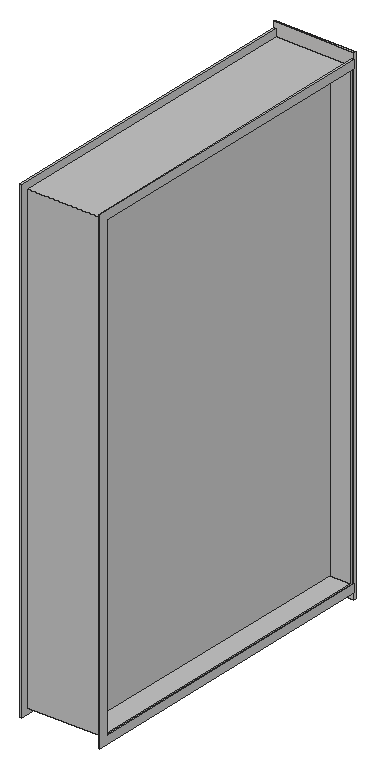
Revit family "Damper-Cable_Operated-Carnes-Rectangular-Opposed_Blade_FQAA", category Duct Accessories, Revit 2012
Parameters (values of type "FQAA")
  ecoScorecard_data = ""
  ecoScorecard Product Page = "http://ecoscorecard.com/"
  URL = "http://www.carnes.com/index.html"
  Subcategory = "Louvers and Dampers"
  Specifications  URL = "http://www.carnes.com/Louvers/pdf/40041.pdf"
  Side Plate Height [instance] = Outside Height + 1"  # 38 1/4"
  Product Page URL = "http://www.carnes.com/Louvers/FQAA.htm"
  Product Line = "Cable Operated Dampers"
  Pressure Drop = 0.00 Pa
  Outside Width [instance] = Damper Width Control + 3/4"  # 24 3/4"
  Outside Height [instance] = Damper Height Control + 1 1/4"  # 37 1/4"
  Model = "FQAA"
  Manufacturer Phone = "608-845-6411"
  Manufacturer Fax = "608-845-6470"
  Manufacturer Email = "mailto:carnes@carnes.com"
  Manufacturer Address = "448 S. Main St., P. O. Box 930040, Verona, WI 53593-0040"
  Manufacturer = "Carnes Company"
  Frame Material = Aluminum - Carnes - Extruded
  Description = "Cable Operated Dampers"
  Damper Width Control [instance] = if(Damper Width > 24", 24", Damper Width)  # 24"
  Damper Width [instance] = 24"
  Damper Length [instance] = 6 1/4"
  Damper Height Control [instance] = if(Damper Height > 36", 36", Damper Height)  # 36"
  Damper Height [instance] = 36"
  Damper Air Flow = 0 CFM
  Cost Info = "mailto:carnes@carnes.com"
  Controller Width = 1 1/2"
  Controller Height = 8"
  Controller Offset = 3"
  Controller Length = 4"
  Connector Description 2 = "Duct Connection 2"
  Connector Description 1 = "Duct Connection 1"
  Catalog URL = "http://www.carnes.com/Louvers/pdf/cable_opr_dpr_brochure.pdf"
  Blade Width [instance] = Outside Width / 4  # 6 3/16"
  Blade Material = Aluminum - Carnes - Extruded
  Assembly Code = "D3090700"
  95 CSI = "10200"
  04 CSI = "08 91 00"
Reference planes (in)
  plane 1 "Center (Front/Back)": y = 0
  plane 2: z = 0
  plane 3 "Center (Left/Right)": x = 0
  plane 4 "Right": x = 3.125
  plane 5: y = 12.375
  plane 6: y = -11.875
  plane 7: z = 18.125
  plane 8: z = -18.125
  plane 9: y = 13.375
  plane 10: x = -2
  plane 11: x = 2
  plane 12: z = -7.625
  plane 13: z = -15.625
  plane 14: z = 18.625
  plane 15: z = -18.625
  plane 16: y = 12.5
  plane 17 "Left": x = -3.125
  plane 18: y = -12.375
  plane 19: y = 7.625
Forms (in)
  Extrusion 1, solid, material "Plastic - Carnes - Black", detail levels fine
    sketch origin (0, 0, 0) x (1, 0, 0) y (0, 1, 0)
      loop
        line (-2, 13.375) -> (-2, 12.5) -> (2, 12.5) -> (2, 13.375) -> (-2, 13.375)
    from -15.625 to -7.625
  Sweep 2, solid, material "Aluminum - Carnes - Extruded" <- "Frame Material"
    path origin (0, 0, 0) x (1, 0, 0) y (0, 1, 0)
      loop
        line (-2.9799, 0) -> (2.9799, 0)
    profile origin (0, 0, 0) x (0, 1, 0) y (0, 0, 1)
      loop
        line (12.375, 18.125) -> (-11.875, 18.125) -> (-11.875, -18.125) -> (12.375, -18.125) -> (12.375, 18.125)
      loop
        line (12.25, 18) -> (-11.75, 18) -> (-11.75, -18) -> (12.25, -18) -> (12.25, 18)
  Sweep 3, solid, material "Steel - Carnes – Galvanized"
    path origin (0, 0, 0) x (1, 0, 0) y (0, 0, 1)
      loop
        line (0, 19.125) -> (0, -19.125)
    profile origin (0, 0, 0) x (0, -1, 0) y (1, 0, 0)
      loop
        line (-12.375, -3.125) -> (-12.375, 3.125) -> (-12.5, 3.125) -> (-12.5, -3.125) -> (-12.375, -3.125)
  Sweep 4, solid, material "Aluminum - Carnes - Extruded" <- "Frame Material", detail levels medium+fine
    path origin (0, 0, 0) x (0, 1, 0) y (0, 0, 1)
      loop
        line (12.375, 18.125) -> (-11.875, 18.125) -> (-11.875, -18.125) -> (12.375, -18.125)
    profile origin (0, 0.25, 18.125) x (0, 0, -1) y (1, 0, 0)
      loop
        line (0.125, 3.125) -> (-0.5, 3.125) -> (-0.5, 2.9799) -> (0.125, 2.9799) -> (0.125, 3.125)
      loop
        line (0.125, -3.125) -> (0.125, -2.9799) -> (-0.5, -2.9799) -> (-0.5, -3.125) -> (0.125, -3.125)
  Sweep 5, solid, material "Aluminum - Carnes - Extruded" <- "Frame Material"
    path origin (0, 0, 0) x (1, 0, 0) y (0, 1, 0)
      loop
        line (-1.29, 0) -> (1.29, 0)
    profile origin (0, 0, 0) x (0, 1, 0) y (0, 0, 1)
      loop
        line (12.25, 18) -> (-11.75, 18) -> (-11.75, -18) -> (12.25, -18) -> (12.25, 18)
Cuts and joins
  joined: Sweep 2, Sweep 5
Lines and regions (in)
  Masking region 1, detail levels coarse+medium
    outline origin (0, 0, 0) x (1, 0, 0) y (0, 1, 0)
      loop
        line (-3.125, 12.5) -> (-3.125, -12.375) -> (3.125, -12.375) -> (3.125, 12.5) -> (2, 12.5) -> (2, 13.375) -> (-2, 13.375) -> (-2, 12.5) -> (-3.125, 12.5)
  symbolic lines, detail levels coarse+medium
    curve 1: line (0, 12.375, 0) -> (0, -11.875, 0)
    curve 2: line (2, 12.375, 0) -> (-2, 6.1875, 0)
    curve 3: line (-2, 6.1875, 0) -> (2, 0.0625, 0)
    curve 4: line (2, 0.0625, 0) -> (-2, -6.1875, 0)
    curve 5: line (-2, -6.1875, 0) -> (2, 0.0625, 0)
    curve 6: line (-2, -6.1875, 0) -> (2, -11.875, 0)
  symbolic lines, detail levels medium
    curve 7: line (-3.125, 12.375, 0) -> (3.125, 12.375, 0)
    curve 8: line (-2, 12.5, 0) -> (2, 12.5, 0)
Dimensions and locks (in)
  plane 9 to plane 16 = 7/8"
  equal spacing: plane 10, plane 3 "Center (Left/Right)", plane 11
  "Controller Length": plane 10 to plane 11
  "Controller Height": plane 12 to plane 13
  locked: plane 7 to Sweep 2 sketch curve at 0.125
  locked: Sweep 2 sketch curve to plane 6 at 0.125
  locked: plane 5 to Sweep 2 sketch curve at 0.125
  locked: Sweep 2 sketch curve to plane 8 at 0.125
  locked: plane 14 to plane 7 at 0.5
  locked: plane 8 to plane 15 at 0.5
  "Controller Offset": plane 13 to plane 15
  equal spacing: Sweep 3 sketch curve, plane 2, Sweep 3 sketch curve
  "Side Plate Height": Sweep 3 sketch curve to Sweep 3 sketch curve
  locked: Sweep 3 sketch curve to plane 5 at 0.125
  locked: plane 16 to plane 5 at 0.125
  equal spacing: plane 17 "Left", plane 3 "Center (Left/Right)", plane 4 "Right"
  "Damper Length": plane 17 "Left" to plane 4 "Right"
  equal spacing: plane 14, plane 2, plane 15
  "Outside Height": plane 14 to plane 15
  locked: plane 6 to plane 18 at 0.5
  equal spacing: plane 5, plane 1 "Center (Front/Back)", plane 18
  "Outside Width": plane 18 to plane 5
  locked: plane 7 to Sweep 4 sketch curve at 0.125  (x2)
  locked: plane 4 "Right" to Sweep 4 sketch curve at 0.1451
  locked: plane 17 "Left" to Sweep 4 sketch curve at 0.1451
  equal spacing: curve 6, plane 1 "Center (Front/Back)", curve 3
  "Blade Width": plane 1 "Center (Front/Back)" to curve 3
  equal spacing: Sweep 5 sketch curve, plane 3 "Center (Left/Right)", Sweep 5 sketch curve
  locked: Sweep 5 sketch curve to plane 3 "Center (Left/Right)" at 1.29
  locked: plane 16 to Sweep 5 sketch curve at 0.25
  locked: Sweep 5 sketch curve to plane 18 at 0.625
  locked: plane 14 to Sweep 5 sketch curve at 0.625
  locked: plane 15 to Sweep 5 sketch curve at 0.625
  "Damper Width": cut or joined group of Sweep 2, Sweep 5 to cut or joined group of Sweep 2, Sweep 5
  "Damper Height": cut or joined group of Sweep 2, Sweep 5 to cut or joined group of Sweep 2, Sweep 5
  aligned and locked: plane 10 to Extrusion 1 sketch curve
  aligned and locked: Extrusion 1 sketch curve to plane 9
  aligned and locked: Extrusion 1 sketch curve to plane 11
  aligned and locked: Extrusion 1 to plane 13
  aligned and locked: plane 12 to Extrusion 1
  aligned and locked: plane 1 "Center (Front/Back)" to Sweep 2 sketch curve
  aligned and locked: Sweep 2 sketch curve to plane 5
  aligned and locked: Sweep 2 sketch curve to plane 7
  aligned and locked: plane 6 to Sweep 2 sketch curve
  aligned and locked: plane 8 to Sweep 2 sketch curve
  aligned and locked: Sweep 3 sketch curve to plane 3 "Center (Left/Right)"
  aligned and locked: Sweep 3 sketch curve to plane 5
  aligned and locked: plane 4 "Right" to Sweep 3 sketch curve
  aligned and locked: plane 16 to Extrusion 1 sketch curve
  aligned and locked: Sweep 4 sketch curve to plane 7
  aligned and locked: plane 5 to Sweep 4 sketch curve  (x2)
  aligned and locked: plane 6 to Sweep 4 sketch curve
  aligned and locked: plane 8 to Sweep 4 sketch curve
  aligned and locked: Sweep 4 sketch curve to plane 14
  aligned and locked: Sweep 4 sketch curve to plane 4 "Right"
  aligned and locked: plane 14 to Sweep 4 sketch curve
  aligned and locked: plane 17 "Left" to Sweep 4 sketch curve
  aligned and locked: Masking region 1 sketch curve to plane 16  (x2)
  aligned and locked: plane 10 to Masking region 1 sketch curve
  aligned and locked: Masking region 1 sketch curve to plane 11
  aligned and locked: Masking region 1 sketch curve to plane 9
  aligned and locked: Masking region 1 sketch curve to plane 17 "Left"
  aligned and locked: Masking region 1 sketch curve to plane 4 "Right"
  aligned and locked: Masking region 1 sketch curve to plane 18
  aligned and locked: plane 6 to curve 1
  aligned and locked: plane 5 to curve 1
  aligned and locked: curve 1 to plane 3 "Center (Left/Right)"
  aligned and locked: plane 17 "Left" to curve 7
  aligned and locked: curve 7 to Sweep 3
  aligned and locked: plane 10 to curve 8
  aligned and locked: plane 11 to curve 8
  aligned and locked: curve 8 to plane 16
Automatic sketch dimensions
  Sweep 2 sketch curve to plane 17 "Left" = 0.1451"
  Sweep 2 sketch curve to plane 4 "Right" = 0.1451"
  profile plane to Sweep 3 sketch curve = 3 1/8"
  curve 6 to plane 10 = 0"
  curve 3 to plane 10 = 0"
  curve 5 to plane 11 = 0"
  curve 6 to plane 6 = 0"
  curve 6 to plane 11 = 0"
  curve 2 to plane 11 = 0"
  curve 5 to plane 1 "Center (Front/Back)" = 1/16"
  curve 7 to plane 4 "Right" = 0"
  plane 1 "Center (Front/Back)" to Sweep 5 sketch curve = 0"
Connectors (in)
  hvac at (-2.9799, 0.25, 0), driven by "Damper Width Control", driven by "Damper Height Control", driven by "Pressure Drop", driven by "Damper Air Flow", driven by "Connector Description 1"
    settings: on Sweep 2, index 1, duct flow 0 CFM, flow factor 0, pres drop 0.00 Pa, loss coef 0, conn angle 0.00°, conn width 24", conn height 36", conn radius 12", duct sys type 29, conn prof type 1, flow config 0, flow direction 0, loss method 4, conn ref index -1, conn util no, is conn primary yes, conn desc "Duct Connection 1"
  hvac at (2.9799, 0.25, 0), driven by "Damper Height Control", driven by "Damper Width Control", driven by "Pressure Drop", driven by "Damper Air Flow", driven by "Connector Description 2"
    settings: on Sweep 2, index 2, duct flow 0 CFM, flow factor 0, pres drop 0.00 Pa, loss coef 0, conn angle 0.00°, conn width 24", conn height 36", conn radius 12", duct sys type 29, conn prof type 1, flow config 0, flow direction 0, loss method 4, conn ref index -1, conn util no, is conn primary no, conn desc "Duct Connection 2"
